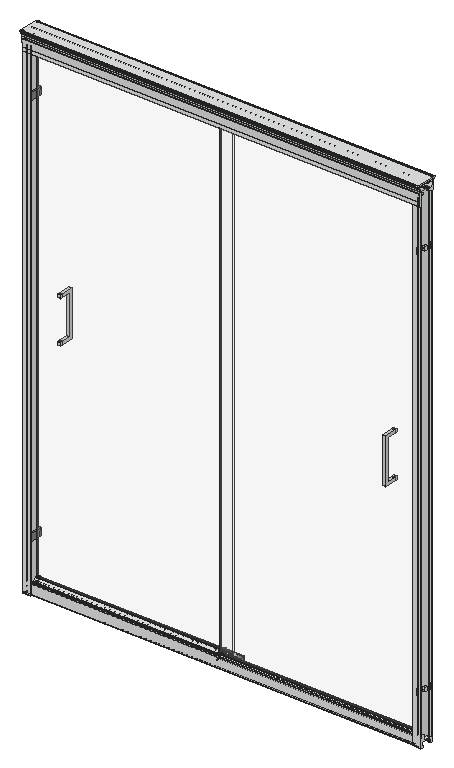
Revit family "Shower-Shower_Door-KOHLER-Fluence-K-702218", category Specialty Equipment, host Face, Revit 2021 (continued)
Definition of nested family "K-702218"
  Automatic sketch dimensions
    Extrusion 7 sketch curve to Extrusion 7 sketch curve = 0.01369"
    Extrusion 7 sketch curve to Extrusion 7 sketch curve = 0.00558"
    Extrusion 7 sketch curve to Extrusion 7 sketch curve = 0.04955"
    Extrusion 9 sketch curve to Extrusion 9 sketch curve = 0.11452"
    plane 8 to Extrusion 10 sketch curve = 0.59481"
    plane 8 to Extrusion 11 sketch curve = 0.58954"
    plane 8 to Extrusion 12 sketch curve = 0.5799"
    plane 8 to Extrusion 13 sketch curve = 0.5799"
    plane 8 to Extrusion 15 sketch curve = 0.5799"
    Extrusion 20 sketch curve to Extrusion 20 sketch curve = 0.41883"
    Extrusion 20 sketch curve to Extrusion 20 sketch curve = 0.5986"
    Extrusion 20 sketch curve to Extrusion 20 sketch curve = 0.0041"
    curve 100 to curve 97 = 0.38703"
    curve 77 to curve 71 = 0.38703"
    curve 129 to curve 129 = 0.47768"
    curve 46 to curve 44 = 0.016"
    plane 8 to curve 127 = 0.53973"
    curve 45 to curve 44 = 0.014"
    plane 8 to Extrusion 22 sketch curve = 0.49385"
    plane 8 to Extrusion 22 sketch curve = 0.49313"
    plane 6 to Extrusion 1 sketch curve = 0.72591"
    Extrusion 4 sketch curve to plane 11 = 0.35437"
    Extrusion 4 sketch curve to Extrusion 4 sketch curve = 0.83506"
    plane 6 to Extrusion 7 sketch curve = 0.24371"
    Extrusion 7 sketch curve to Extrusion 7 sketch curve = 0.27101"
    Extrusion 7 sketch curve to Extrusion 7 sketch curve = 0.05066"
    Extrusion 7 sketch curve to Extrusion 7 sketch curve = 0.00909"
    Extrusion 7 sketch curve to Extrusion 7 sketch curve = 0.00104"
    Extrusion 7 sketch curve to Extrusion 7 sketch curve = 0.0012"
    Extrusion 7 sketch curve to Extrusion 7 sketch curve = 0.01318"
    Extrusion 7 sketch curve to Extrusion 7 sketch curve = 0.00101"
    Extrusion 7 sketch curve to Extrusion 7 sketch curve = 0.00123"
    Extrusion 7 sketch curve to Extrusion 7 sketch curve = 0.00196"
    Extrusion 7 sketch curve to Extrusion 7 sketch curve = 0.21649"
    Extrusion 7 sketch curve to Extrusion 7 sketch curve = 0.01016"
    plane 6 to Extrusion 9 sketch curve = 0.34434"
    Extrusion 9 sketch curve to Extrusion 9 sketch curve = 0.11548"
    plane 6 to Extrusion 9 sketch curve = 0.61417"
    Extrusion 16 sketch curve to Extrusion 16 sketch curve = 0.12323"  (x2)
    Extrusion 17 sketch curve to Extrusion 17 sketch curve = 0.12323"  (x2)
    Extrusion 18 sketch curve to Extrusion 18 sketch curve = 0.12323"  (x2)
    Extrusion 19 sketch curve to Extrusion 19 sketch curve = 0.12323"  (x2)
    Extrusion 20 sketch curve to Extrusion 20 sketch curve = 0.10844"
    Extrusion 20 sketch curve to Extrusion 20 sketch curve = 0.05818"
    Extrusion 20 sketch curve to Extrusion 20 sketch curve = 0.26747"
    curve 37 to curve 129 = 0.34094"
    curve 129 to curve 130 = 0.004"
    curve 118 to curve 93 = 0.47628"
    curve 60 to curve 84 = 0.47628"
    Extrusion 2 sketch curve to Extrusion 2 sketch curve = 0.05628"
    Extrusion 8 sketch curve to Extrusion 8 sketch curve = 0.21649"
    Extrusion 8 sketch curve to Extrusion 8 sketch curve = 0.00203"
    Extrusion 8 sketch curve to Extrusion 8 sketch curve = 0.00082"
    Extrusion 8 sketch curve to Extrusion 8 sketch curve = 0.22883"
    Extrusion 8 sketch curve to Extrusion 8 sketch curve = 1/256"  (x4)
    Extrusion 8 sketch curve to Extrusion 8 sketch curve = 0.01369"
    Extrusion 11 sketch curve to Extrusion 11 sketch curve = 0.05628"
    curve 37 to curve 6 = 0.08109"
    curve 113 to curve 114 = 1/8"
    curve 57 to curve 58 = 1/8"
    Extrusion 1 sketch curve to plane 6 = 0.51431"
    Extrusion 1 sketch curve to plane 6 = 0.5385"
    Extrusion 1 sketch curve to Extrusion 1 sketch curve = 0.02768"
    Extrusion 1 sketch curve to Extrusion 1 sketch curve = 0.05461"
    Extrusion 1 sketch curve to Extrusion 1 sketch curve = 0.00062"
    Extrusion 1 sketch curve to Extrusion 1 sketch curve = 0.05613"
    Extrusion 1 sketch curve to Extrusion 1 sketch curve = 0.00169"
    Extrusion 1 sketch curve to Extrusion 1 sketch curve = 0.00887"
    Extrusion 1 sketch curve to Extrusion 1 sketch curve = 0.00676"
    Extrusion 1 sketch curve to Extrusion 1 sketch curve = 0.0152"
    Extrusion 1 sketch curve to plane 6 = 0.60068"
    Extrusion 1 sketch curve to Extrusion 1 sketch curve = 0.00763"
    Extrusion 1 sketch curve to Extrusion 1 sketch curve = 0.01033"
    Extrusion 1 sketch curve to Extrusion 1 sketch curve = 0.02115"
    level to Extrusion 1 sketch curve = 0.02071"
    Extrusion 1 sketch curve to Extrusion 1 sketch curve = 0.03485"
    Extrusion 1 sketch curve to Extrusion 1 sketch curve = 0.06625"
    Extrusion 1 sketch curve to Extrusion 1 sketch curve = 0.25677"
    Extrusion 2 sketch curve to plane 6 = 0.42213"
    Extrusion 2 sketch curve to plane 6 = 0.50568"
    Extrusion 2 sketch curve to Extrusion 2 sketch curve = 0.00527"
    Extrusion 2 sketch curve to plane 1 "Center (Front/Back)" = 0.58649"
    Extrusion 3 sketch curve to plane 1 "Center (Front/Back)" = 0.52591"
    Extrusion 3 sketch curve to plane 1 "Center (Front/Back)" = 0.54324"
    Extrusion 4 sketch curve to Extrusion 4 sketch curve = 0.1151"
    Extrusion 4 sketch curve to Extrusion 4 sketch curve = 0.10922"
    Extrusion 4 sketch curve to Extrusion 4 sketch curve = 0.11152"
    Extrusion 4 sketch curve to Extrusion 4 sketch curve = 0.06313"
    Extrusion 4 sketch curve to plane 11 = 0.10237"
    Extrusion 8 sketch curve to plane 6 = 0.2359"
    Extrusion 8 sketch curve to Extrusion 8 sketch curve = 0.0598"
    Extrusion 8 sketch curve to Extrusion 8 sketch curve = 0.00196"
    Extrusion 8 sketch curve to Extrusion 8 sketch curve = 0.00056"
    Extrusion 8 sketch curve to Extrusion 8 sketch curve = 0.00167"
    Extrusion 8 sketch curve to Extrusion 8 sketch curve = 0.00642"
    Extrusion 8 sketch curve to Extrusion 8 sketch curve = 0.049"
    Extrusion 8 sketch curve to Extrusion 8 sketch curve = 0.05066"
    Extrusion 8 sketch curve to Extrusion 8 sketch curve = 0.03244"
    Extrusion 8 sketch curve to Extrusion 8 sketch curve = 0.27101"
    Extrusion 10 sketch curve to plane 1 "Center (Front/Back)" = 0.51996"
    Extrusion 10 sketch curve to plane 1 "Center (Front/Back)" = 0.53629"
    Extrusion 11 sketch curve to plane 6 = 0.41806"
    Extrusion 11 sketch curve to plane 6 = 0.50162"
    Extrusion 11 sketch curve to Extrusion 11 sketch curve = 0.00527"
    Extrusion 11 sketch curve to plane 1 "Center (Front/Back)" = 0.59262"
    Extrusion 12 sketch curve to plane 1 "Center (Front/Back)" = 0.62154"
    Extrusion 12 sketch curve to Extrusion 12 sketch curve = 0.00654"
    Extrusion 13 sketch curve to plane 1 "Center (Front/Back)" = 0.62154"
    Extrusion 13 sketch curve to Extrusion 13 sketch curve = 0.00654"
    Extrusion 14 sketch curve to plane 1 "Center (Front/Back)" = 0.62154"
    Extrusion 14 sketch curve to Extrusion 14 sketch curve = 0.00654"
    Extrusion 15 sketch curve to plane 1 "Center (Front/Back)" = 0.62154"
    Extrusion 15 sketch curve to Extrusion 15 sketch curve = 0.00654"
    Extrusion 20 sketch curve to plane 6 = 0.47443"
    Extrusion 20 sketch curve to Extrusion 20 sketch curve = 0.00232"
    Extrusion 20 sketch curve to Extrusion 20 sketch curve = 0.01493"
    curve 15 to plane 6 = 0.4219"
    curve 25 to plane 6 = 0.49082"
    curve 20 to curve 17 = 0.00539"
    curve 24 to curve 14 = 0.04214"
    curve 33 to curve 20 = 0.01739"
    curve 23 to curve 24 = 0.00811"
    curve 13 to curve 20 = 0.02639"
    curve 31 to curve 23 = 0.01044"
    curve 14 to curve 23 = 0.0107"
    curve 31 to curve 23 = 0.02"
    curve 35 to curve 14 = 0.01078"
    curve 26 to curve 34 = 0.22125"
    curve 24 to curve 11 = 0.08325"
    curve 36 to curve 11 = 0.00175"
    curve 5 to curve 38 = 0.00129"
    curve 9 to curve 39 = 0.02181"
    curve 13 to curve 22 = 0.00425"
    curve 21 to curve 22 = 0.00609"
    curve 4 to plane 1 "Center (Front/Back)" = 0.57472"
    Extrusion 4 sketch curve to Extrusion 4 sketch curve = 0.23398"
    Extrusion 4 sketch curve to Extrusion 4 sketch curve = 0.69869"  (x2)
    plane 1 "Center (Front/Back)" to Extrusion 3 sketch curve = 7.49814"
    Extrusion 4 sketch curve to Extrusion 4 sketch curve = 1.0946"
    plane 1 "Center (Front/Back)" to Extrusion 10 sketch curve = 7.50408"
    Extrusion 32 sketch curve to plane 6 = 0.33637"  (x2)
    Extrusion 32 sketch curve to plane 6 = 0.13602"  (x2)
    level to Extrusion 32 sketch curve = 34.24721"
    Extrusion 32 sketch curve to Extrusion 32 sketch curve = 0.438"  (x2)
    Extrusion 32 sketch curve to Extrusion 32 sketch curve = 5.937"
    Extrusion 26 sketch curve to plane 6 = 0.68534"
    Extrusion 26 sketch curve to Extrusion 26 sketch curve = 0.02119"
    Extrusion 26 sketch curve to Extrusion 26 sketch curve = 0.00102"
    Extrusion 26 sketch curve to Extrusion 26 sketch curve = 0.03279"  (x2)
    Extrusion 26 sketch curve to Extrusion 26 sketch curve = 0.056"
    Extrusion 26 sketch curve to Extrusion 26 sketch curve = 0.0165"
    Extrusion 26 sketch curve to Extrusion 26 sketch curve = 0.029"
    Extrusion 26 sketch curve to plane 6 = 0.49534"
    Extrusion 26 sketch curve to Extrusion 26 sketch curve = 0.05573"
    Extrusion 26 sketch curve to Extrusion 26 sketch curve = 0.04"  (x2)
    Extrusion 26 sketch curve to Extrusion 26 sketch curve = 0.07936"
    Extrusion 26 sketch curve to Extrusion 26 sketch curve = 0.04491"
    Extrusion 26 sketch curve to Extrusion 26 sketch curve = 1/16"
    Extrusion 26 sketch curve to Extrusion 26 sketch curve = 0.045"
    Extrusion 26 sketch curve to Extrusion 26 sketch curve = 0.0005"
    Extrusion 26 sketch curve to Extrusion 26 sketch curve = 0.02171"
    Extrusion 26 sketch curve to plane 11 = 2.80776"
    Extrusion 26 sketch curve to Extrusion 26 sketch curve = 0.00048"
    Extrusion 26 sketch curve to Extrusion 26 sketch curve = 0.01155"
    Extrusion 26 sketch curve to Extrusion 26 sketch curve = 0.01107"
    Extrusion 26 sketch curve to Extrusion 26 sketch curve = 1.0278"
    Extrusion 26 sketch curve to Extrusion 26 sketch curve = 0"  (x2)
    Extrusion 26 sketch curve to Extrusion 26 sketch curve = 0.00009"
    Extrusion 26 sketch curve to Extrusion 26 sketch curve = 0.11211"
    Extrusion 26 sketch curve to Extrusion 26 sketch curve = 0.77989"
    Revolve 27 sketch curve to plane 1 "Center (Front/Back)" = 0.70144"
    Revolve 27 sketch curve to Revolve 27 sketch curve = 0.10523"
    Revolve 27 sketch curve to Revolve 27 sketch curve = 0.12514"
    Revolve 27 sketch curve to Revolve 27 sketch curve = 0.12444"
    Revolve 27 sketch curve to Revolve 27 sketch curve = 0.02992"  (x2)
    Revolve 27 sketch curve to Revolve 27 sketch curve = 0.04368"
    Revolve 27 sketch curve to Revolve 27 sketch curve = 0.09833"
    Revolve 27 sketch curve to Revolve 27 sketch curve = 0.16082"
    Revolve 27 sketch curve to plane 11 = 1.03748"
    Revolve 27 sketch curve to Revolve 27 sketch curve = 0.07534"
    Revolve 27 sketch curve to Revolve 27 sketch curve = 0.10551"
    Revolve 27 sketch curve to Revolve 27 sketch curve = 0.00053"
    Revolve 27 sketch curve to Revolve 27 sketch curve = 0"
    plane 14 to Sweep 30 sketch curve = 0.219"
    level to Sweep 30 sketch curve = 34.46621"
    Sweep 30 sketch curve to Sweep 30 sketch curve = 6 3/8"
    Sweep 30 sketch curve to plane 6 = 0.56634"  (x2)
    Extrusion 6 sketch curve to plane 6 = 0.33634"
    Extrusion 6 sketch curve to Extrusion 6 sketch curve = 0"
    plane 9 to Extrusion 6 sketch curve = 0.07133"
    Extrusion 6 sketch curve to Extrusion 6 sketch curve = 0.115"
    Extrusion 6 sketch curve to Extrusion 6 sketch curve = 0.03653"
    Extrusion 6 sketch curve to Extrusion 6 sketch curve = 0.11267"
    Extrusion 6 sketch curve to Extrusion 6 sketch curve = 0.07886"
    Extrusion 6 sketch curve to Extrusion 6 sketch curve = 0.07949"
    Extrusion 6 sketch curve to Extrusion 6 sketch curve = 0.00517"
    plane 7 to Extrusion 6 sketch curve = 0.11939"
    Extrusion 6 sketch curve to Extrusion 6 sketch curve = 0.11052"
    Revolve 29 sketch curve to plane 6 = 0.27584"
    Revolve 29 sketch curve to Revolve 29 sketch curve = 0.10618"
    Revolve 29 sketch curve to Revolve 29 sketch curve = 0.16082"
    Revolve 29 sketch curve to Revolve 29 sketch curve = 0.09833"
    Revolve 29 sketch curve to Revolve 29 sketch curve = 0.02992"  (x2)
    Revolve 29 sketch curve to Revolve 29 sketch curve = 0.12444"
    Revolve 29 sketch curve to Revolve 29 sketch curve = 0.12514"
    Revolve 29 sketch curve to Revolve 29 sketch curve = 0.10523"
    Revolve 29 sketch curve to plane 11 = 1.03748"
    Revolve 29 sketch curve to Revolve 29 sketch curve = 0.07534"
    Revolve 29 sketch curve to Revolve 29 sketch curve = 0.00053"
    Revolve 29 sketch curve to Revolve 29 sketch curve = 0.10551"
    Revolve 29 sketch curve to Revolve 29 sketch curve = 0"
    Extrusion 23 sketch curve to plane 6 = 0.22534"
    Extrusion 23 sketch curve to Extrusion 23 sketch curve = 0.02171"
    Extrusion 23 sketch curve to Extrusion 23 sketch curve = 0.0005"
    Extrusion 23 sketch curve to Extrusion 23 sketch curve = 0.03279"  (x2)
    Extrusion 23 sketch curve to Extrusion 23 sketch curve = 0.04"  (x2)
    Extrusion 23 sketch curve to Extrusion 23 sketch curve = 0.0325"
    Extrusion 23 sketch curve to Extrusion 23 sketch curve = 0.045"
    Extrusion 23 sketch curve to Extrusion 23 sketch curve = 0.04491"
    Extrusion 23 sketch curve to Extrusion 23 sketch curve = 1/16"  (x2)
    Extrusion 23 sketch curve to Extrusion 23 sketch curve = 0.07936"
    Extrusion 23 sketch curve to Extrusion 23 sketch curve = 0.05573"
    Extrusion 23 sketch curve to Extrusion 23 sketch curve = 0.029"
    Extrusion 23 sketch curve to Extrusion 23 sketch curve = 0.056"
    Extrusion 23 sketch curve to Extrusion 23 sketch curve = 0.00102"
    Extrusion 23 sketch curve to Extrusion 23 sketch curve = 0.111"
    Extrusion 23 sketch curve to plane 11 = 2.80776"
    Extrusion 23 sketch curve to Extrusion 23 sketch curve = 0.00048"
    Extrusion 23 sketch curve to Extrusion 23 sketch curve = 0.01155"
    Extrusion 23 sketch curve to Extrusion 23 sketch curve = 0.01107"
    Extrusion 23 sketch curve to Extrusion 23 sketch curve = 1.0278"
    Extrusion 23 sketch curve to Extrusion 23 sketch curve = 0"  (x2)
    Extrusion 23 sketch curve to Extrusion 23 sketch curve = 0.00009"
    Extrusion 23 sketch curve to Extrusion 23 sketch curve = 0.11211"
    Extrusion 23 sketch curve to Extrusion 23 sketch curve = 0.77989"
    plane 6 to Revolve 5 sketch curve = 0.27584"
    Revolve 5 sketch curve to Revolve 5 sketch curve = 0.10618"
    Revolve 5 sketch curve to Revolve 5 sketch curve = 0.16082"
    Revolve 5 sketch curve to Revolve 5 sketch curve = 0.09833"
    Revolve 5 sketch curve to Revolve 5 sketch curve = 0.02992"  (x2)
    Revolve 5 sketch curve to Revolve 5 sketch curve = 0.12444"
    Revolve 5 sketch curve to Revolve 5 sketch curve = 0.12514"
    Revolve 5 sketch curve to Revolve 5 sketch curve = 0.10523"
    Revolve 5 sketch curve to plane 11 = 1.03748"
    Revolve 5 sketch curve to Revolve 5 sketch curve = 0.07534"
    Revolve 5 sketch curve to Revolve 5 sketch curve = 0.00053"
    Revolve 5 sketch curve to Revolve 5 sketch curve = 0.10551"
    Revolve 5 sketch curve to Revolve 5 sketch curve = 0"
    plane 6 to Extrusion 24 sketch curve = 0.22534"
    Extrusion 24 sketch curve to Extrusion 24 sketch curve = 0.02171"
    Extrusion 24 sketch curve to Extrusion 24 sketch curve = 0.0005"
    Extrusion 24 sketch curve to Extrusion 24 sketch curve = 0.03279"  (x2)
    Extrusion 24 sketch curve to Extrusion 24 sketch curve = 0.04"  (x2)
    Extrusion 24 sketch curve to Extrusion 24 sketch curve = 0.0325"
    Extrusion 24 sketch curve to Extrusion 24 sketch curve = 0.045"
    Extrusion 24 sketch curve to Extrusion 24 sketch curve = 0.04491"
    Extrusion 24 sketch curve to Extrusion 24 sketch curve = 1/16"  (x2)
    Extrusion 24 sketch curve to Extrusion 24 sketch curve = 0.07936"
    Extrusion 24 sketch curve to Extrusion 24 sketch curve = 0.05573"
    Extrusion 24 sketch curve to Extrusion 24 sketch curve = 0.029"
    Extrusion 24 sketch curve to Extrusion 24 sketch curve = 0.056"
    Extrusion 24 sketch curve to Extrusion 24 sketch curve = 0.00102"
    Extrusion 24 sketch curve to Extrusion 24 sketch curve = 0.111"
    Extrusion 24 sketch curve to plane 11 = 2.80776"
    Extrusion 24 sketch curve to Extrusion 24 sketch curve = 0.00048"
    Extrusion 24 sketch curve to Extrusion 24 sketch curve = 0.01155"
    Extrusion 24 sketch curve to Extrusion 24 sketch curve = 0.01107"
    Extrusion 24 sketch curve to Extrusion 24 sketch curve = 1.0278"
    Extrusion 24 sketch curve to Extrusion 24 sketch curve = 0"  (x2)
    Extrusion 24 sketch curve to Extrusion 24 sketch curve = 0.00009"
    Extrusion 24 sketch curve to Extrusion 24 sketch curve = 0.11211"
    Extrusion 24 sketch curve to Extrusion 24 sketch curve = 0.77989"
    plane 6 to Revolve 28 sketch curve = 0.27584"
    Revolve 28 sketch curve to Revolve 28 sketch curve = 0.10618"
    Revolve 28 sketch curve to Revolve 28 sketch curve = 0.16082"
    Revolve 28 sketch curve to Revolve 28 sketch curve = 0.09833"
    Revolve 28 sketch curve to Revolve 28 sketch curve = 0.02992"  (x2)
    Revolve 28 sketch curve to Revolve 28 sketch curve = 0.12444"
    Revolve 28 sketch curve to Revolve 28 sketch curve = 0.12514"
    Revolve 28 sketch curve to Revolve 28 sketch curve = 0.10523"
    Revolve 28 sketch curve to plane 11 = 1.03748"
    Revolve 28 sketch curve to Revolve 28 sketch curve = 0.07534"
    Revolve 28 sketch curve to Revolve 28 sketch curve = 0.00053"
    Revolve 28 sketch curve to Revolve 28 sketch curve = 0.10551"
    Revolve 28 sketch curve to Revolve 28 sketch curve = 0"
    plane 6 to Extrusion 25 sketch curve = 0.22534"
    Extrusion 25 sketch curve to Extrusion 25 sketch curve = 0.02171"
    Extrusion 25 sketch curve to Extrusion 25 sketch curve = 0.0005"
    Extrusion 25 sketch curve to Extrusion 25 sketch curve = 0.03279"  (x2)
    Extrusion 25 sketch curve to Extrusion 25 sketch curve = 0.04"  (x2)
    Extrusion 25 sketch curve to Extrusion 25 sketch curve = 0.0325"
    Extrusion 25 sketch curve to Extrusion 25 sketch curve = 0.045"
    Extrusion 25 sketch curve to Extrusion 25 sketch curve = 0.04491"
    Extrusion 25 sketch curve to Extrusion 25 sketch curve = 1/16"  (x2)
    Extrusion 25 sketch curve to Extrusion 25 sketch curve = 0.07936"
    Extrusion 25 sketch curve to Extrusion 25 sketch curve = 0.05573"
    Extrusion 25 sketch curve to Extrusion 25 sketch curve = 0.029"
    Extrusion 25 sketch curve to Extrusion 25 sketch curve = 0.056"
    Extrusion 25 sketch curve to Extrusion 25 sketch curve = 0.00102"
    Extrusion 25 sketch curve to Extrusion 25 sketch curve = 0.111"
    Extrusion 25 sketch curve to plane 11 = 2.80776"
    Extrusion 25 sketch curve to Extrusion 25 sketch curve = 0.00048"
    Extrusion 25 sketch curve to Extrusion 25 sketch curve = 0.01155"
    Extrusion 25 sketch curve to Extrusion 25 sketch curve = 0.01107"
    Extrusion 25 sketch curve to Extrusion 25 sketch curve = 1.0278"
    Extrusion 25 sketch curve to Extrusion 25 sketch curve = 0"  (x2)
    Extrusion 25 sketch curve to Extrusion 25 sketch curve = 0.00009"
    Extrusion 25 sketch curve to Extrusion 25 sketch curve = 0.11211"
    Extrusion 25 sketch curve to Extrusion 25 sketch curve = 0.77989"
    Sweep 31 sketch curve to plane 13 = 0.219"
    plane 16 to Sweep 31 sketch curve = 0.219"
    Sweep 31 sketch curve to Sweep 31 sketch curve = 6 3/8"
    plane 6 to Sweep 31 sketch curve = 0.57434"  (x2)
    Extrusion 33 sketch curve to plane 16 = 0"
    plane 6 to Extrusion 33 sketch curve = 0.144"  (x2)
    Extrusion 33 sketch curve to Extrusion 33 sketch curve = 0.20048"  (x2)
    plane 16 to Extrusion 33 sketch curve = 0.438"
    Extrusion 33 sketch curve to Extrusion 33 sketch curve = 5.937"
    Extrusion 33 sketch curve to Extrusion 33 sketch curve = 0.438"
    Extrusion 21 sketch curve to plane 1 "Center (Front/Back)" = 0"
    Extrusion 21 sketch curve to level = 0"
    Extrusion 21 sketch curve to plane 8 = 0"
    Extrusion 21 sketch curve to plane 14 = 3.35921"
    Extrusion 21 sketch curve to plane 1 "Center (Front/Back)" = 0.43285"
    Extrusion 21 sketch curve to plane 1 "Center (Front/Back)" = 0.48151"
    plane 8 to Extrusion 21 sketch curve = 0.47972"
    plane 8 to Extrusion 21 sketch curve = 0.43285"
    Extrusion 21 sketch curve to plane 11 = 2.05657"  (x2)
    plane 13 to Extrusion 21 sketch curve = 3.34221"
    Extrusion 21 sketch curve to Extrusion 21 sketch curve = 1.25921"
    Extrusion 21 sketch curve to plane 11 = 1.71833"
    Extrusion 21 sketch curve to plane 11 = 0.01335"
    Masking region 1 sketch curve to plane 14 = 0"
    Masking region 1 sketch curve to level = 0"  (x4)
    Masking region 1 sketch curve to plane 16 = 0"  (x2)
    Masking region 1 sketch curve to plane 13 = 0"
    Masking region 1 sketch curve to plane 14 = 0.09105"
    Masking region 1 sketch curve to plane 14 = 0.78974"
    Masking region 1 sketch curve to Masking region 1 sketch curve = 1.0946"  (x2)
    Masking region 1 sketch curve to Masking region 1 sketch curve = 2.40131"  (x2)
    Masking region 1 sketch curve to Masking region 1 sketch curve = 4.50163"
    plane 11 to Masking region 1 sketch curve = 1.94415"  (x2)
    Masking region 1 sketch curve to Masking region 1 sketch curve = 0.84462"
    Masking region 1 sketch curve to Masking region 1 sketch curve = 2.92453"
    plane 14 to Masking region 1 sketch curve = 0.04304"
    plane 14 to Masking region 1 sketch curve = 0.05633"
    plane 1 "Center (Front/Back)" to Masking region 1 sketch curve = 0.3513"
    plane 1 "Center (Front/Back)" to Masking region 1 sketch curve = 0.30931"
    plane 1 "Center (Front/Back)" to Masking region 1 sketch curve = 0.00236"
    Masking region 1 sketch curve to plane 1 "Center (Front/Back)" = 0.03283"
    Masking region 1 sketch curve to Masking region 1 sketch curve = 0.00993"
    Masking region 1 sketch curve to Masking region 1 sketch curve = 0.09663"
    Masking region 1 sketch curve to plane 11 = 0.03293"
    Masking region 1 sketch curve to Masking region 1 sketch curve = 0.05224"  (x2)
    Masking region 1 sketch curve to plane 1 "Center (Front/Back)" = 0.45164"
    Masking region 1 sketch curve to plane 1 "Center (Front/Back)" = 0.49301"
    Masking region 1 sketch curve to Masking region 1 sketch curve = 0.00942"  (x2)
    Masking region 1 sketch curve to plane 1 "Center (Front/Back)" = 0.51664"
    Masking region 1 sketch curve to Masking region 1 sketch curve = 0.01422"  (x2)
    Masking region 1 sketch curve to Masking region 1 sketch curve = 0"  (x35)
    Masking region 1 sketch curve to plane 1 "Center (Front/Back)" = 0.51668"
    Masking region 1 sketch curve to Masking region 1 sketch curve = 0.07698"
    Masking region 1 sketch curve to Masking region 1 sketch curve = 0.06792"
    Masking region 1 sketch curve to Masking region 1 sketch curve = 0.0031"
    Masking region 1 sketch curve to Masking region 1 sketch curve = 0.03026"
    Masking region 1 sketch curve to Masking region 1 sketch curve = 0.01474"  (x2)
    Masking region 1 sketch curve to Masking region 1 sketch curve = 0.06255"
    Masking region 1 sketch curve to Masking region 1 sketch curve = 0.01987"
    Masking region 1 sketch curve to Masking region 1 sketch curve = 0.06566"
    Masking region 1 sketch curve to Masking region 1 sketch curve = 0.02119"  (x2)
    Masking region 1 sketch curve to Masking region 1 sketch curve = 0.01104"
    Masking region 1 sketch curve to Masking region 1 sketch curve = 0.045"  (x2)
    Masking region 1 sketch curve to Masking region 1 sketch curve = 0.04235"
    Masking region 1 sketch curve to Masking region 1 sketch curve = 0.06239"
    Masking region 1 sketch curve to Masking region 1 sketch curve = 0.04649"  (x2)
    Masking region 1 sketch curve to Masking region 1 sketch curve = 0.02382"
    Masking region 1 sketch curve to Masking region 1 sketch curve = 0.0595"
    Masking region 1 sketch curve to Masking region 1 sketch curve = 0.01516"
    Masking region 1 sketch curve to Masking region 1 sketch curve = 0.01714"
    Masking region 1 sketch curve to Masking region 1 sketch curve = 0.04377"
    Masking region 1 sketch curve to Masking region 1 sketch curve = 0.02666"
    Masking region 1 sketch curve to Masking region 1 sketch curve = 0.01746"
    Masking region 1 sketch curve to Masking region 1 sketch curve = 0.09935"
    Masking region 1 sketch curve to Masking region 1 sketch curve = 0.00399"
    Masking region 1 sketch curve to Masking region 1 sketch curve = 0.00459"  (x2)
    Masking region 1 sketch curve to Masking region 1 sketch curve = 0.10634"
    Masking region 1 sketch curve to Masking region 1 sketch curve = 0.03804"
    Masking region 1 sketch curve to Masking region 1 sketch curve = 0.16703"
    Masking region 1 sketch curve to Masking region 1 sketch curve = 0.00457"
    Masking region 1 sketch curve to Masking region 1 sketch curve = 0.0068"
    Masking region 1 sketch curve to Masking region 1 sketch curve = 0.03381"
    Masking region 1 sketch curve to Masking region 1 sketch curve = 0.00139"
    Masking region 1 sketch curve to Masking region 1 sketch curve = 0.23273"
    level to Masking region 1 sketch curve = 0.02071"
    Masking region 1 sketch curve to Masking region 1 sketch curve = 0.0459"
    Masking region 1 sketch curve to Masking region 1 sketch curve = 0.00327"
    Masking region 1 sketch curve to Masking region 1 sketch curve = 0.10764"
    Masking region 1 sketch curve to Masking region 1 sketch curve = 0.00886"
    Masking region 1 sketch curve to Masking region 1 sketch curve = 0.00571"  (x2)
    Masking region 1 sketch curve to Masking region 1 sketch curve = 0.00252"
    Masking region 1 sketch curve to Masking region 1 sketch curve = 0.00178"
    Masking region 1 sketch curve to Masking region 1 sketch curve = 0.01353"  (x2)
    Masking region 1 sketch curve to Masking region 1 sketch curve = 0.12387"  (x2)
    Masking region 1 sketch curve to Masking region 1 sketch curve = 0.02597"  (x2)
    Masking region 1 sketch curve to Masking region 1 sketch curve = 0.02615"
    Masking region 1 sketch curve to Masking region 1 sketch curve = 0.05555"
    Masking region 1 sketch curve to Masking region 1 sketch curve = 0.01496"
    Masking region 1 sketch curve to Masking region 1 sketch curve = 0.01713"
    Masking region 1 sketch curve to Masking region 1 sketch curve = 0.06611"
    Masking region 1 sketch curve to Masking region 1 sketch curve = 0.00627"
    Masking region 1 sketch curve to Masking region 1 sketch curve = 0.00675"
    Masking region 1 sketch curve to Masking region 1 sketch curve = 0.00748"
    Masking region 1 sketch curve to Masking region 1 sketch curve = 0.042"
    Masking region 1 sketch curve to Masking region 1 sketch curve = 0.01223"
    Masking region 1 sketch curve to Masking region 1 sketch curve = 0.0163"
    Masking region 1 sketch curve to Masking region 1 sketch curve = 0.06648"
    Masking region 1 sketch curve to Masking region 1 sketch curve = 0.02253"  (x2)
    Masking region 1 sketch curve to Masking region 1 sketch curve = 0.00052"
    Masking region 1 sketch curve to Masking region 1 sketch curve = 0.01653"
    Masking region 1 sketch curve to Masking region 1 sketch curve = 0.03231"
    Masking region 1 sketch curve to Masking region 1 sketch curve = 0.01645"
    Masking region 1 sketch curve to Masking region 1 sketch curve = 0.04503"
    Masking region 1 sketch curve to Masking region 1 sketch curve = 0.01918"
    Masking region 1 sketch curve to Masking region 1 sketch curve = 0.05645"
    Masking region 1 sketch curve to Masking region 1 sketch curve = 0.07015"  (x2)
    Masking region 1 sketch curve to Masking region 1 sketch curve = 0.12459"  (x2)
    Masking region 1 sketch curve to Masking region 1 sketch curve = 0.03299"
    Masking region 1 sketch curve to Masking region 1 sketch curve = 0.01493"  (x4)
    Masking region 1 sketch curve to Masking region 1 sketch curve = 0.02146"
    Masking region 1 sketch curve to Masking region 1 sketch curve = 7/256"
    Masking region 1 sketch curve to Masking region 1 sketch curve = 0.06967"
    Masking region 1 sketch curve to Masking region 1 sketch curve = 0.02106"
    Masking region 1 sketch curve to Masking region 1 sketch curve = 0.04"  (x2)
    Masking region 1 sketch curve to Masking region 1 sketch curve = 0.0605"
    Masking region 1 sketch curve to Masking region 1 sketch curve = 0.01927"  (x2)
    Masking region 1 sketch curve to Masking region 1 sketch curve = 0.06519"
    Masking region 1 sketch curve to Masking region 1 sketch curve = 0.08"  (x2)
    Masking region 1 sketch curve to Masking region 1 sketch curve = 0.02047"  (x2)
    Masking region 1 sketch curve to Masking region 1 sketch curve = 0.03333"  (x4)
    plane 6 to Masking region 1 sketch curve = 0.38202"
    Masking region 1 sketch curve to plane 11 = 0.13571"
    plane 6 to Masking region 1 sketch curve = 0.39614"
    Masking region 1 sketch curve to Masking region 1 sketch curve = 0.05"  (x2)
    Masking region 1 sketch curve to plane 11 = 0.35667"
    Masking region 1 sketch curve to Masking region 1 sketch curve = 0.01519"
    Masking region 1 sketch curve to Masking region 1 sketch curve = 0.02049"
    Masking region 1 sketch curve to Masking region 1 sketch curve = 0.04252"
    Masking region 1 sketch curve to Masking region 1 sketch curve = 0.08378"
    Masking region 1 sketch curve to Masking region 1 sketch curve = 0.02829"
    Masking region 1 sketch curve to Masking region 1 sketch curve = 0.01371"
    Masking region 1 sketch curve to Masking region 1 sketch curve = 0.01244"
    Masking region 1 sketch curve to Masking region 1 sketch curve = 0.08583"
    plane 6 to Masking region 1 sketch curve = 0.72564"
    Masking region 1 sketch curve to Masking region 1 sketch curve = 0.00075"
    Masking region 1 sketch curve to Masking region 1 sketch curve = 0.02144"
    Masking region 1 sketch curve to Masking region 1 sketch curve = 0.12627"
    Masking region 1 sketch curve to Masking region 1 sketch curve = 0.12687"
    Masking region 1 sketch curve to Masking region 1 sketch curve = 0.02199"
    Masking region 1 sketch curve to Masking region 1 sketch curve = 0.10334"
    Masking region 1 sketch curve to Masking region 1 sketch curve = 0.0383"
    Masking region 1 sketch curve to Masking region 1 sketch curve = 0.1361"
    Masking region 1 sketch curve to Masking region 1 sketch curve = 0.00188"
    plane 8 to Masking region 1 sketch curve = 0.65156"
    Masking region 1 sketch curve to Masking region 1 sketch curve = 0.02191"
    Masking region 1 sketch curve to Masking region 1 sketch curve = 0.02417"
    plane 8 to Masking region 1 sketch curve = 0.63459"
    Masking region 1 sketch curve to Masking region 1 sketch curve = 0.00143"
    Masking region 1 sketch curve to Masking region 1 sketch curve = 0.01971"
    Masking region 1 sketch curve to Masking region 1 sketch curve = 0.02086"
    Masking region 1 sketch curve to Masking region 1 sketch curve = 0.02031"
    Masking region 1 sketch curve to Masking region 1 sketch curve = 0.08374"
    Masking region 1 sketch curve to Masking region 1 sketch curve = 0.02"
    plane 8 to Masking region 1 sketch curve = 0.54168"
    plane 8 to Masking region 1 sketch curve = 0.5204"  (x2)
    Masking region 1 sketch curve to Masking region 1 sketch curve = 0.13116"
    Masking region 1 sketch curve to Masking region 1 sketch curve = 0.05996"
    Masking region 1 sketch curve to Masking region 1 sketch curve = 0.07469"
    Masking region 1 sketch curve to Masking region 1 sketch curve = 0.02128"
    Masking region 1 sketch curve to Masking region 1 sketch curve = 0.03928"
    Masking region 1 sketch curve to Masking region 1 sketch curve = 0.065"
    Masking region 1 sketch curve to Masking region 1 sketch curve = 0.32503"
    Masking region 1 sketch curve to Masking region 1 sketch curve = 0.30677"
    Masking region 1 sketch curve to Masking region 1 sketch curve = 0.3082"
    plane 8 to Masking region 1 sketch curve = 0.1954"
    plane 8 to Masking region 1 sketch curve = 0.04653"
    plane 8 to Masking region 1 sketch curve = 0.03659"
    plane 8 to Masking region 1 sketch curve = 0.0014"
    Masking region 1 sketch curve to plane 8 = 0.32631"
    Masking region 1 sketch curve to plane 8 = 0.34754"
    Masking region 1 sketch curve to plane 13 = 0.07709"
    Masking region 1 sketch curve to plane 13 = 0.0638"
    plane 13 to Masking region 1 sketch curve = 0.07029"
    plane 13 to Masking region 1 sketch curve = 0.76898"
    Masking region 1 sketch curve to plane 11 = 2.36366"  (x2)
    Masking region 1 sketch curve to Masking region 1 sketch curve = 4.37284"
    Masking region 1 sketch curve to Masking region 1 sketch curve = 0.97341"
    Masking region 1 sketch curve to Masking region 1 sketch curve = 3.05332"
    Masking region 1 sketch curve to level = 0.03962"
    Masking region 1 sketch curve to level = 0.05241"
    Masking region 1 sketch curve to Masking region 1 sketch curve = 0.07857"
    Masking region 1 sketch curve to Masking region 1 sketch curve = 0.07928"
    Masking region 1 sketch curve to Masking region 1 sketch curve = 0.04638"
    Masking region 1 sketch curve to Masking region 1 sketch curve = 0.06893"
    Masking region 1 sketch curve to Masking region 1 sketch curve = 0.01498"
    Masking region 1 sketch curve to Masking region 1 sketch curve = 0.016"  (x3)
    Masking region 1 sketch curve to Masking region 1 sketch curve = 0.04899"
    Masking region 1 sketch curve to Masking region 1 sketch curve = 0.01499"
    level to Masking region 1 sketch curve = 0.14503"
    Masking region 1 sketch curve to Masking region 1 sketch curve = 0.09467"
    Masking region 1 sketch curve to Masking region 1 sketch curve = 0.30282"
    Masking region 1 sketch curve to Masking region 1 sketch curve = 0.0225"
    Masking region 1 sketch curve to Masking region 1 sketch curve = 0.00338"
    Masking region 1 sketch curve to Masking region 1 sketch curve = 0.03464"  (x2)
    Masking region 1 sketch curve to Masking region 1 sketch curve = 0.06005"
    Masking region 1 sketch curve to Masking region 1 sketch curve = 0.0423"
    Masking region 1 sketch curve to Masking region 1 sketch curve = 0.58465"
    Masking region 1 sketch curve to Masking region 1 sketch curve = 0.01818"
    Masking region 1 sketch curve to Masking region 1 sketch curve = 0.05478"
    Masking region 1 sketch curve to Masking region 1 sketch curve = 0.06452"
    Masking region 1 sketch curve to Masking region 1 sketch curve = 0.02964"
    Masking region 1 sketch curve to Masking region 1 sketch curve = 0.0038"
    Masking region 1 sketch curve to Masking region 1 sketch curve = 0.004"
    Masking region 1 sketch curve to Masking region 1 sketch curve = 0.00787"
    Masking region 1 sketch curve to Masking region 1 sketch curve = 0.01919"
    Masking region 1 sketch curve to Masking region 1 sketch curve = 0.00421"
    Masking region 1 sketch curve to Masking region 1 sketch curve = 0.04178"
    Masking region 1 sketch curve to Masking region 1 sketch curve = 0.00065"
    Masking region 1 sketch curve to Masking region 1 sketch curve = 0.36838"
    Masking region 1 sketch curve to Masking region 1 sketch curve = 0.06418"
    Masking region 1 sketch curve to Masking region 1 sketch curve = 0.0118"
    Masking region 1 sketch curve to Masking region 1 sketch curve = 0.02019"
    Masking region 1 sketch curve to Masking region 1 sketch curve = 0.04827"
    Masking region 1 sketch curve to Masking region 1 sketch curve = 0.02081"
    Masking region 1 sketch curve to Masking region 1 sketch curve = 0.87059"
    Masking region 1 sketch curve to Masking region 1 sketch curve = 0.15839"
    Masking region 1 sketch curve to Masking region 1 sketch curve = 0.06422"
    Masking region 1 sketch curve to Masking region 1 sketch curve = 0.01229"
    Masking region 1 sketch curve to Masking region 1 sketch curve = 0.04499"
    Masking region 1 sketch curve to Masking region 1 sketch curve = 0.04242"
    Masking region 1 sketch curve to Masking region 1 sketch curve = 0.03191"
    Masking region 1 sketch curve to Masking region 1 sketch curve = 0.02778"
    Masking region 1 sketch curve to Masking region 1 sketch curve = 0.02727"
    Masking region 1 sketch curve to Masking region 1 sketch curve = 0.10019"
    Masking region 1 sketch curve to Masking region 1 sketch curve = 5.42049"
    Masking region 1 sketch curve to Masking region 1 sketch curve = 3/8"
    plane 16 to Masking region 1 sketch curve = 0.438"  (x2)
    Masking region 1 sketch curve to Masking region 1 sketch curve = 5.937"
    Masking region 1 sketch curve to Masking region 1 sketch curve = 0.438"  (x2)
    Masking region 1 sketch curve to Masking region 1 sketch curve = 7.08968"
    Masking region 1 sketch curve to Masking region 1 sketch curve = 0.36307"
    Masking region 1 sketch curve to Masking region 1 sketch curve = 0.62713"
    Masking region 1 sketch curve to plane 11 = 2.35079"  (x2)
    Masking region 1 sketch curve to plane 11 = 1.93002"  (x2)
    Masking region 1 sketch curve to plane 11 = 1.53042"  (x2)
    Masking region 1 sketch curve to Masking region 1 sketch curve = 0.88325"
    Masking region 1 sketch curve to Masking region 1 sketch curve = 0.3073"
    Masking region 1 sketch curve to Masking region 1 sketch curve = 0.03864"  (x2)
    Masking region 1 sketch curve to Masking region 1 sketch curve = 0.06623"  (x2)
    Masking region 1 sketch curve to Masking region 1 sketch curve = 0.02051"  (x2)
    Masking region 1 sketch curve to Masking region 1 sketch curve = 0.00162"  (x2)
    Masking region 1 sketch curve to Masking region 1 sketch curve = 0.10629"  (x2)
    Masking region 1 sketch curve to Masking region 1 sketch curve = 0.00093"  (x2)
    Masking region 1 sketch curve to Masking region 1 sketch curve = 0.02065"  (x2)
    Masking region 1 sketch curve to Masking region 1 sketch curve = 0.04218"  (x2)
    Masking region 1 sketch curve to Masking region 1 sketch curve = 0.02252"  (x2)
    Masking region 1 sketch curve to Masking region 1 sketch curve = 0.00536"  (x2)
    Masking region 1 sketch curve to Masking region 1 sketch curve = 0.25128"  (x2)
    Masking region 1 sketch curve to Masking region 1 sketch curve = 0.0723"  (x2)
    Masking region 1 sketch curve to Masking region 1 sketch curve = 0.02992"  (x2)
    Masking region 1 sketch curve to Masking region 1 sketch curve = 0.03201"  (x3)
    Masking region 1 sketch curve to Masking region 1 sketch curve = 0.10291"  (x2)
    Masking region 1 sketch curve to Masking region 1 sketch curve = 0.03342"  (x2)
    Masking region 1 sketch curve to Masking region 1 sketch curve = 0.15091"  (x2)
    Masking region 1 sketch curve to Masking region 1 sketch curve = 0.19468"  (x2)
    Masking region 1 sketch curve to Masking region 1 sketch curve = 0.00209"  (x2)
    Masking region 1 sketch curve to Masking region 1 sketch curve = 0.41948"  (x2)
    Masking region 1 sketch curve to Masking region 1 sketch curve = 0.09759"
    Masking region 1 sketch curve to Masking region 1 sketch curve = 0.04102"  (x2)
    Masking region 1 sketch curve to Masking region 1 sketch curve = 0.09983"
    Masking region 1 sketch curve to Masking region 1 sketch curve = 0.0699"
    Masking region 1 sketch curve to Masking region 1 sketch curve = 0.07704"  (x2)
    Masking region 1 sketch curve to Masking region 1 sketch curve = 0.08023"  (x2)
    Masking region 1 sketch curve to Masking region 1 sketch curve = 0.13557"
    Masking region 1 sketch curve to Masking region 1 sketch curve = 0.28703"
    Masking region 1 sketch curve to Masking region 1 sketch curve = 0.26332"  (x2)
    Masking region 1 sketch curve to Masking region 1 sketch curve = 0.06527"  (x2)
    Masking region 1 sketch curve to Masking region 1 sketch curve = 0.05973"
    Masking region 1 sketch curve to Masking region 1 sketch curve = 0.01057"  (x2)
    Masking region 1 sketch curve to Masking region 1 sketch curve = 0.01228"
    Masking region 1 sketch curve to Masking region 1 sketch curve = 0.01284"
    Masking region 1 sketch curve to plane 11 = 0.07328"  (x2)
    Masking region 1 sketch curve to plane 11 = 0.03644"  (x2)
    Masking region 1 sketch curve to plane 11 = 0.02944"  (x2)
    plane 11 to Masking region 1 sketch curve = 0.33691"  (x2)
    Masking region 1 sketch curve to Masking region 1 sketch curve = 0.04458"
    Masking region 1 sketch curve to Masking region 1 sketch curve = 0.09273"
    Masking region 1 sketch curve to Masking region 1 sketch curve = 0.00096"
    Masking region 1 sketch curve to Masking region 1 sketch curve = 0.02105"
    Masking region 1 sketch curve to Masking region 1 sketch curve = 0.00004"
    Masking region 1 sketch curve to Masking region 1 sketch curve = 0.03278"
    Masking region 1 sketch curve to Masking region 1 sketch curve = 0.01124"
    Masking region 1 sketch curve to Masking region 1 sketch curve = 0.0849"
    Masking region 1 sketch curve to Masking region 1 sketch curve = 0.00072"
    Masking region 1 sketch curve to Masking region 1 sketch curve = 0.09698"
    Masking region 1 sketch curve to Masking region 1 sketch curve = 0.01571"
    Masking region 1 sketch curve to Masking region 1 sketch curve = 0.00561"
    Masking region 1 sketch curve to Masking region 1 sketch curve = 0.01191"
    Masking region 1 sketch curve to Masking region 1 sketch curve = 0.00003"
    Masking region 2 sketch curve to plane 5 = 0"
    Masking region 2 sketch curve to plane 11 = 0"
    Masking region 2 sketch curve to level = 0.00009"
    Masking region 3 sketch curve to plane 5 = 0"
    Masking region 3 sketch curve to plane 13 = 0"
    plane 8 to Masking region 3 sketch curve = 0"  (x2)
    plane 1 "Center (Front/Back)" to Masking region 3 sketch curve = 0"  (x2)
    Masking region 3 sketch curve to plane 14 = 0"
    Masking region 3 sketch curve to plane 18 = 0.219"
    plane 18 to Masking region 3 sketch curve = 0.219"
    Masking region 3 sketch curve to plane 12 = 0.219"
    plane 12 to Masking region 3 sketch curve = 0.219"
    plane 8 to curve 146 = 0"
    plane 1 "Center (Front/Back)" to curve 147 = 0"
    curve 146 to plane 18 = 0.219"
    plane 18 to curve 146 = 0.219"
    curve 147 to plane 12 = 0.219"
    plane 12 to curve 147 = 0.219"
    curve 148 to plane 5 = 0"
    curve 154 to plane 24 = 0"
    curve 149 to plane 23 = 0"
    curve 149 to level = 0"
    curve 155 to plane 21 = 0"
    curve 158 to plane 16 = 0"
    plane 9 to curve 150 = 0"
    curve 148 to plane 4 = 0"
    curve 151 to level = 0"
    curve 158 to plane 12 = 0.219"
    plane 12 to curve 160 = 0.219"
    curve 155 to plane 24 = 0.2953"
    plane 16 to curve 158 = 6.813"
    plane 5 to curve 154 = 1.20364"
    curve 155 to curve 153 = 0.06326"
    curve 153 to curve 152 = 0.03653"
    plane 24 to curve 152 = 0.22098"
    curve 163 to plane 25 = 0"
    curve 161 to plane 18 = 0.219"
    plane 18 to curve 162 = 0.22047"
    curve 164 to curve 164 = 0.438"
    curve 167 to plane 16 = 0"
    curve 167 to plane 18 = 0.219"
    plane 18 to curve 166 = 0.22047"
    plane 16 to curve 166 = 0.438"
    curve 137 to plane 23 = 0"
    curve 133 to plane 25 = 0"
    curve 135 to plane 16 = 0"
    curve 136 to plane 23 = 0"
    curve 134 to plane 16 = 0"
    curve 132 to plane 25 = 0"
    curve 137 to plane 1 "Center (Front/Back)" = 0.51664"
    curve 133 to plane 1 "Center (Front/Back)" = 0.51664"
    curve 135 to plane 1 "Center (Front/Back)" = 0.51664"
    curve 135 to curve 135 = 0.00004"
    curve 141 to plane 6 = 0.63471"
    curve 141 to curve 172 = 0.12444"
    curve 172 to curve 170 = 0.01493"
    curve 172 to curve 140 = 0.01493"
    curve 140 to curve 138 = 0.08"
    curve 170 to curve 170 = 0.08"
    curve 138 to curve 139 = 0.03333"
    plane 6 to curve 145 = 0.38202"
    curve 145 to curve 144 = 0.03333"
    curve 169 to curve 144 = 0"
    curve 169 to curve 169 = 0.08"
    curve 144 to curve 143 = 0.08"
    curve 143 to curve 171 = 0.01493"
    curve 171 to curve 142 = 0.12444"
    curve 171 to curve 142 = 0.12459"
    plane 8 to curve 136 = 0.5204"
    plane 8 to curve 134 = 0.5204"
    plane 8 to curve 132 = 0.5204"
    plane 16 to curve 134 = 0.438"
    plane 16 to curve 135 = 0.438"
    curve 133 to curve 133 = 0.438"
    curve 132 to curve 132 = 0.438"
    curve 137 to curve 137 = 0.64"
    curve 136 to curve 136 = 0.64"
    curve 137 to curve 170 = 0.88325"
    curve 170 to curve 169 = 0"
    curve 170 to curve 141 = 0.24889"
    curve 141 to curve 172 = 0.00069"
    curve 169 to curve 142 = 0.24957"
    curve 171 to curve 142 = 0"  (x2)
    curve 171 to curve 145 = 0.02924"
    curve 172 to curve 139 = 0.02992"
    curve 138 to curve 139 = 0"  (x2)
    curve 145 to curve 144 = 0.00069"
    curve 171 to curve 143 = 0.03201"
    curve 172 to curve 140 = 0.03201"
    curve 143 to curve 143 = 0.29764"
    curve 140 to curve 140 = 0.29764"
    curve 143 to curve 145 = 0.00209"
    curve 140 to curve 139 = 0.00209"
    curve 145 to curve 144 = 0"
    curve 143 to curve 171 = 0.03201"
    curve 140 to curve 172 = 0.03201"
    curve 141 to curve 172 = 0"
